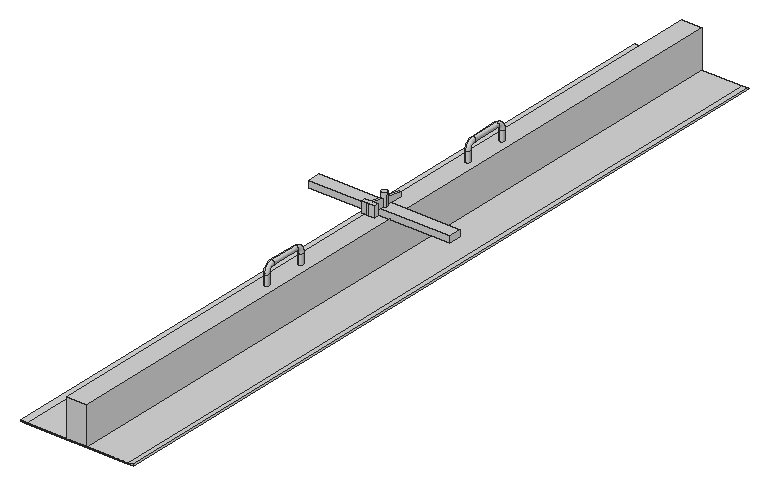
Revit family "MF_COMPENSATION PLATE 8'_1904216", category Generic Models, Revit 2018
Family settings
  Can host rebar = No
  Round Connector Dimension = Use Diameter
  Part Type = Normal
  OmniClass Number = 35.51.14.00
  OmniClass Title = FORMWORK
  Work Plane-Based = Yes
  Always vertical = No
  Cut with Voids When Loaded = No
  Shared = Yes
  Room Calculation Point = No
Parameters
  VERSION = "20190101"  # constant formula
  URL = "www.ulmaconstruction.com/en"
  UNICLASS = ""
  ITEM_CODE = "1904216"
  Manufacturer = "ULMA CONSTRUCTION"  # constant formula
  FILTER [instance] = ""
  Default Elevation = 0"
  CLASSIFICATION_TITLE = ""
  CLASSIFICATION_NUMBER = ""
Reference planes (in)
  plane 1 "Centro (Frontal/Posterior)": y = 0
  plane 2: z = 0
  plane 3 "Centro (Izquierda/Derecha)": x = 0
  plane 4 "ITEM_HEIGHT": y = -96
  plane 5: y = -81
  plane 6: y = -15
  plane 7: y = -48
  plane 8 "MIDDLE": x = -1.27953
Forms (in)
  Extrusion 1, solid, material "ULMA ZINC"
    sketch origin (0, 0, 0) x (1, 0, 0) y (0, 0, 1)
      loop
        line (5.02268, -4.88189) -> (5.80709, -4.81326) -> (5.79336, -4.65638) -> (5.01581, -4.72441) -> (-7.57486, -4.72441) -> (-8.35242, -4.65638) -> (-8.36614, -4.81326) -> (-7.58174, -4.88189) -> (5.02268, -4.88189)
    from 0 to 96
  Extrusion 2, solid, material "ULMA ZINC"
    sketch origin (0, 0, 0) x (1, 0, 0) y (0, 0, 1)
      loop
        line (-2.55906, 0) -> (-2.55906, -4.72441) -> (0, -4.72441) -> (0, 0) -> (-2.55906, 0)
    from 0 to 96
  Extrusion 3, solid, material "ULMA ZINC", detail levels fine
    sketch origin (0, 0, 0) x (0, 1, 0) y (0, 0, 1)
      loop
        line (-48.7874, 0.7874) -> (-48.7874, 0) -> (-47.2126, 0) -> (-47.2126, 0.7874) -> (-48.7874, 0.7874)
    from -10.1378 to 7.57874
  Extrusion 4, solid, material "ULMA ZINC", detail levels fine
    sketch origin (0, 0, 0) x (1, 0, 0) y (0, 1, 0)
      loop
        circle (-1.27953, -48) r 0.35433
    from 0.7874 to 2.32283
  Extrusion 5, solid, material "ULMA ZINC", detail levels fine
    sketch origin (0, 0, 0) x (0, 1, 0) y (0, 0, 1)
      loop
        line (-45.63881, 0.7874) -> (-45.59652, 1.25795) -> (-50.0699, 2.06858) -> (-50.0699, 0.7874) -> (-45.63881, 0.7874)
    from -1.41732 to -1.14173
  Extrusion 6, solid, material "ULMA ZINC", detail levels fine
    sketch origin (0, 0, 0) x (1, 0, 0) y (0, 1, 0)
      loop
        line (-1.27953, -49.91655) -> (-2.06693, -49.99898) -> (-2.06693, -50.48782) -> (-1.41732, -50.57956) -> (-1.14173, -50.57956) -> (-0.49213, -50.48782) -> (-0.49213, -49.99898) -> (-1.27953, -49.91655)
    from 0.7874 to 2.09809
  Sweep 7, solid, material "ULMA ZINC", detail levels fine
    path in 3D
      loop
        line (-1.27953, -66.39545, 0) -> (-1.27953, -66.39545, 1.25984)
        arc (-1.27953, -66.39545, 1.25984) -> (-1.27953, -66.15278, 1.8457) -> (-1.27953, -65.56693, 2.08837) r 0.82852
        line (-1.27953, -65.56693, 2.08837) -> (-1.27953, -61.86614, 2.08837)
        arc (-1.27953, -61.86614, 2.08837) -> (-1.27953, -61.28029, 1.8457) -> (-1.27953, -61.03762, 1.25984) r 0.82852
        line (-1.27953, -61.03762, 1.25984) -> (-1.27953, -61.03762, 0)
    profile origin (-1.27953, -66.39545, 0.62992) x (0, -1, 0) y (1, 0, 0)
      loop
        circle (0, 0) r 0.27539
  Sweep 8, solid, material "ULMA ZINC", detail levels fine
    path in 3D
      loop
        line (-1.27953, -34.96331, 0) -> (-1.27953, -34.96331, 1.25984)
        arc (-1.27953, -34.96331, 1.25984) -> (-1.27953, -34.72064, 1.8457) -> (-1.27953, -34.13478, 2.08837) r 0.82852
        line (-1.27953, -34.13478, 2.08837) -> (-1.27953, -30.43399, 2.08837)
        arc (-1.27953, -30.43399, 2.08837) -> (-1.27953, -29.84814, 1.8457) -> (-1.27953, -29.60547, 1.25984) r 0.82852
        line (-1.27953, -29.60547, 1.25984) -> (-1.27953, -29.60547, 0)
    profile origin (-1.27953, -34.96331, 0.62992) x (0, -1, 0) y (1, 0, 0)
      loop
        circle (0, 0) r 0.27539
Cuts and joins
  joined: Extrusion 5, Extrusion 6
Lines and regions (in)
  model lines, style "ULMA PANELS", detail levels fine
    curve 1: circle (0, -81, -1.72441) r 0.40354 normal (1, 0, 0)
    curve 2: circle (-2.55906, -81, -1.72441) r 0.40354 normal (1, 0, 0)
    curve 3: circle (0, -15, -1.72441) r 0.40354 normal (1, 0, 0)
    curve 4: circle (-2.55906, -15, -1.72441) r 0.40354 normal (1, 0, 0)
    curve 15: arc (-0.35433, -21.00591, 0) -> (-1.27953, -20.08071, 0) -> (-2.20472, -21.00591, 0) r 0.9252
    curve 16: line (-2.20472, -21.00591, 0) -> (-2.20472, -21.91142, 0)
    curve 17: arc (-2.20472, -21.91142, 0) -> (-1.27953, -22.83661, 0) -> (-0.35433, -21.91142, 0) r 0.9252
    curve 18: line (-0.35433, -21.91142, 0) -> (-0.35433, -21.00591, 0)
    curve 19: circle (-1.27953, -21.45669, -4.88189) r 0.82677 normal (0, 0, 1)
    curve 20: arc (-0.35433, -74.09252, 0) -> (-1.27953, -73.16732, 0) -> (-2.20472, -74.09252, 0) r 0.9252
    curve 21: line (-2.20472, -74.09252, 0) -> (-2.20472, -74.99803, 0)
    curve 22: arc (-2.20472, -74.99803, 0) -> (-1.27953, -75.92323, 0) -> (-0.35433, -74.99803, 0) r 0.9252
    curve 23: line (-0.35433, -74.99803, 0) -> (-0.35433, -74.09252, 0)
    curve 24: circle (-1.27953, -74.54331, -4.88189) r 0.82677 normal (0, 0, 1)
  sketch lines
    curve 5: line (-1.27953, -66.39545, 0) -> (-1.27953, -66.39545, 1.25984)
    curve 6: arc (-1.27953, -66.39545, 1.25984) -> (-1.27953, -66.15278, 1.8457) -> (-1.27953, -65.56693, 2.08837) r 0.82852
    curve 7: line (-1.27953, -65.56693, 2.08837) -> (-1.27953, -61.86614, 2.08837)
    curve 8: arc (-1.27953, -61.86614, 2.08837) -> (-1.27953, -61.28029, 1.8457) -> (-1.27953, -61.03762, 1.25984) r 0.82852
    curve 9: line (-1.27953, -61.03762, 1.25984) -> (-1.27953, -61.03762, 0)
    curve 10: line (-1.27953, -34.96331, 0) -> (-1.27953, -34.96331, 1.25984)
    curve 11: arc (-1.27953, -34.96331, 1.25984) -> (-1.27953, -34.72064, 1.8457) -> (-1.27953, -34.13478, 2.08837) r 0.82852
    curve 12: line (-1.27953, -34.13478, 2.08837) -> (-1.27953, -30.43399, 2.08837)
    curve 13: arc (-1.27953, -30.43399, 2.08837) -> (-1.27953, -29.84814, 1.8457) -> (-1.27953, -29.60547, 1.25984) r 0.82852
    curve 14: line (-1.27953, -29.60547, 1.25984) -> (-1.27953, -29.60547, 0)
Dimensions and locks (in)
  locked: plane 4 "ITEM_HEIGHT" to plane 1 "Centro (Frontal/Posterior)" at 96
  locked: plane 6 to plane 1 "Centro (Frontal/Posterior)" at 15
  aligned and locked: level to plane 2
  aligned and locked: Extrusion 2 to plane 4 "ITEM_HEIGHT"
  aligned and locked: Extrusion 1 to plane 4 "ITEM_HEIGHT"
